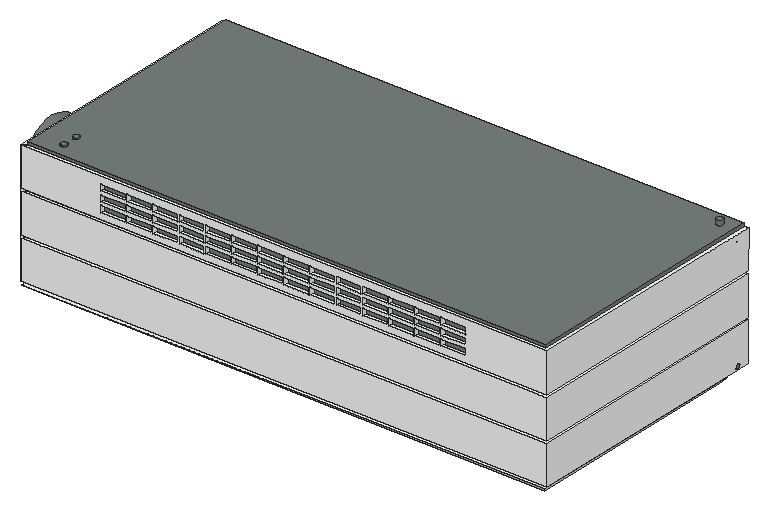
Revit family "AM 800 HTDE", category Mechanical Equipment, Revit 2019
Family settings
  Round Connector Dimension = Use Diameter
  Part Type = Normal
  OmniClass Number = 23.75.00.00
  OmniClass Title = Climate Control (HVAC)
  Work Plane-Based = No
  Always vertical = Yes
  Cut with Voids When Loaded = No
  Shared = No
  Room Calculation Point = No
Parameters
  Weight (Standard Unit) = 108  # constant formula
  Water Heater Surface Return = 10 mm  # constant formula
  Water Heater Surface IN = 10 mm  # constant formula
  URL = "www.airmaster-as.com"
  Total Width = 1910 mm  # constant formula
  Total Hight = 474 mm  # constant formula
  Top Panel [instance] = yes
  T-C Duct Exhaust = 252 mm  # constant formula
  T-C Duct Supply = 252 mm  # constant formula
  Suply Air In = 315 mm  # constant formula
  Return Air Duct = 250 mm  # constant formula
  R-C Duct Exhaust = 222 mm  # constant formula
  Phase 1 - Max Power Consumption = "4035 W"
  Phase 1 - Max Current = "12 A"
  Nominal current, electrical preheating surface = "6,5 A"
  Nominal current, electrical comfort heating surface = "4,4 A"
  Nominal current, air handling unit = "1,1 A"
  Network Conection = "AWG 24 CAT 5e STP"
  Model = "AM 800 HTDE"
  Middle Panel [instance] = yes
  Max. flow rate 35 dB(A) with ePM10 80% filters = 580.00 m³  # constant formula
  Max. flow rate 35 dB(A) with ePM10 55% filters = 653.00 m³  # constant formula
  Max. flow rate 35 dB(A) with ePM10 50% filters = 725.00 m³  # constant formula
  Max. flow rate 30 dB(A) with ePM10 80% filters = 520.00 m³  # constant formula
  Max. flow rate 30 dB(A) with ePM10 55% filters = 585.00 m³  # constant formula
  Max. flow rate 30 dB(A) with ePM10 50% filters = 650.00 m³  # constant formula
  Manufacturer = "Airmaster A/S"
  Maintenance [instance] = no
  L-C Duct ESupply = 255 mm  # constant formula
  Exhaust Air = 315 mm  # constant formula
  Total Depth = 916 mm  # constant formula
  Electrical connection = "1 ~ 230 V / N / PE / 50 Hz"
  Drawn By = "LSB"
  DE Panel Small [instance] = no
  DE Panel [instance] = yes
  Condensate = 9 mm  # constant formula
  Buttom Panel [instance] = yes
  BMS Panel = "(PTS) 2x2x0,6"
  BMS Out = "(PTS) 2x2x0,6"
  BMS IN = "(PTS) 2x2x0,6"
  Airflow area [instance] = no
  Air flow area [instance] = Airflow
Reference planes
  plane 1 "Center (Front/Back)": y = 0
  plane 2: z = 0
  plane 3 "Center (Left/Right)": x = 0
  plane 4 "Center L/S": y = -916
  plane 5 "Center L/T": x = -955
  plane 6 "Center L/U": x = 955
  plane 7 "TOP": z = 474
  plane 8 "Center L/V": x = -940
  plane 9 "Center L/W": y = -901
  plane 10 "Center L/X": x = 940
  plane 11 "Panel Buttom": z = 23
  plane 12 "Panel Top": z = 164.5
  plane 13 "Hatch": z = 14.5
  plane 14 "Center L/Z": z = 173.414
  plane 15 "Center L/AA": z = 314.914
  plane 16 "Center L/BB": z = 324.414
  plane 17 "Center L/CC": z = 465.914
Forms (mm)
  Extrusion 1, solid, material "AM Grey"
    sketch origin (0, 0, 0) x (1, 0, 0) y (0, 1, 0)
      loop
        line (-940, 0) -> (-940, -901) -> (940, -901) -> (940, 0) -> (-940, 0)
    from 14.5 to 474
  Extrusion 2, solid, material "AM White", visible <- "DE Panel Small"
    sketch origin (794.5, -1524, 23) x (0, -1, 0) y (-1, 0, 0)
      loop
        line (-1524, 1749.5) -> (-1524, 1734.5) -> (-623, 1734.5) -> (-608, 1749.5) -> (-1524, 1749.5)
    from 0 to -141.5
  Blend 3, solid, material "AM White"
    base sketch origin (-790.646, -1524, 14.5) x (0, -1, 0) y (1, 0, 0)
      loop
        line (-608, -157.387) -> (-608, 1738.657) -> (-1435.677, 1738.657) -> (-1435.677, -157.387) -> (-608, -157.387)
    top sketch origin (-790.646, -1524, 14.5) x (0, -1, 0) y (1, 0, 0)
      loop
        line (-623, -146.037) -> (-623, 1727.646) -> (-1424.161, 1727.646) -> (-1424.161, -146.037) -> (-623, -146.037)
    from 0 to -14.5
  Extrusion 4, solid, material "AM Grey"
    sketch origin (940, 0, 0) x (0, -1, 0) y (0, 0, -1)
      loop
        circle (48.75, -36.414) r 8
    from 0 to 15
  Extrusion 5, solid, material "AM Grey"
    sketch origin (-940, -878.072, 0.549) x (0, 1, 0) y (0, 0, -1)
      loop
        arc (97.447, -426.641) -> (85.619, -415.215) -> (74.05, -426.903) r 11.7
        arc (74.05, -426.903) -> (85.881, -438.614) -> (97.447, -426.641) r 11.7
    from 0 to 2
  Extrusion 6, solid, material "AM Grey"
    sketch origin (-940, -892.224, 0.658) x (0, 1, 0) y (0, 0, -1)
      loop
        arc (56.677, -428.239) -> (46.918, -415.112) -> (33.131, -423.914) r 12
        arc (33.131, -423.914) -> (42.582, -438.717) -> (56.677, -428.239) r 12
    from 0 to 2
  Extrusion 7, solid, material "AM Grey"
    sketch origin (-940, 0, 0) x (1, 0, 0) y (0, 0, -1)
      loop
        circle (1673, -222) r 157.5
    from 0 to 55
  Extrusion 8, solid, material "AM Grey"
    sketch origin (-785, 0, 0) x (1, 0, 0) y (0, 0, -1)
      loop
        circle (85, -222) r 157.5
    from 0 to 55
  Extrusion 9, solid, material "AM Grey"
    sketch origin (-1697.474, 21.256, 474) x (1, 0, 0) y (0, 1, 0)
      loop
        arc (848.662, -826.53) -> (848, -804.55) -> (847.338, -826.53) r 11
        line (847.338, -826.53) -> (848.662, -826.53)
    from 0 to 2
  Extrusion 10, solid, material "AM Grey"
    sketch origin (-1697.474, 6.881, 474) x (1, 0, 0) y (0, 1, 0)
      loop
        arc (848.662, -867.28) -> (848, -845.3) -> (847.338, -867.28) r 11
        line (847.338, -867.28) -> (848.662, -867.28)
    from 0 to 2
  Extrusion 11, solid, material "Maintenece", visible <- "Maintenance"
    sketch origin (-790.646, -1524, 0) x (1, 0, 0) y (0, -1, 0)
      loop
        line (-164.354, -1524) -> (1745.646, -1524) -> (1745.646, -608) -> (-164.354, -608) -> (-164.354, -1524)
    from 0 to 1200
  Extrusion 12, solid, material "AM Grey"
    sketch origin (0, 0, 474) x (1, 0, 0) y (0, 1, 0)
      loop
        arc (880.766, -33.956) -> (876.81, -38.388) -> (875.622, -44.209) r 11.4
        arc (875.622, -44.209) -> (897.19, -48.612) -> (880.766, -33.956) r 11.4
    from 0 to 15
  Extrusion 13, solid, material "AM Grey"
    sketch origin (940, 0, 0) x (0, -1, 0) y (0, 0, -1)
      loop
        circle (47.646, -447.784) r 8
    from 0 to 15
  Extrusion 14, solid, material "AM Grey"
    sketch origin (-940, 0, 0) x (1, 0, 0) y (0, 0, -1)
      loop
        circle (1813, -35) r 12
    from 0 to 15
  Extrusion 15, solid, material "AM White", visible <- "Middle Panel"
    sketch origin (794.5, -1524, 173.414) x (0, -1, 0) y (-1, 0, 0)
      loop
        line (-608, -160.5) -> (-608, 1749.5) -> (-623, 1734.5) -> (-623, -145.5) -> (-1524, -145.5) -> (-1524, -160.5) -> (-608, -160.5)
    from 0 to -141.5
  Extrusion 16, solid, material "AM White", visible <- "Top Panel"
    sketch origin (794.5, -1524, 324.414) x (0, -1, 0) y (-1, 0, 0)
      loop
        line (-608, -160.5) -> (-608, 1749.5) -> (-623, 1734.5) -> (-623, -145.5) -> (-1524, -145.5) -> (-1524, -160.5) -> (-608, -160.5)
    from 0 to -141.5
  Extrusion 17, solid, material "AM White"
    sketch origin (0, 0, 14.5) x (0, 1, 0) y (1, 0, 0)
      loop
        line (0, 940) -> (-88.323, 940) -> (-88.323, -940) -> (0, -940) -> (0, 940)
    from 0 to 3
  Extrusion 18, solid, material "AM Grey"
    sketch origin (-955, 0, 23) x (0, -1, 0) y (0, 0, 1)
      loop
        circle (699, 299) r 125
    from 0 to 58
  Extrusion 19, void
    sketch origin (1055.25, -916, 324.414) x (1, 0, 0) y (0, 0, -1)
      loop
        line (-1717.75, -118) -> (-1627.75, -118) -> (-1627.75, -93) -> (-1717.75, -93) -> (-1717.75, -118)
      loop
        line (-1717.75, -83) -> (-1627.75, -83) -> (-1627.75, -58) -> (-1717.75, -58) -> (-1717.75, -83)
      loop
        line (-1717.75, -48) -> (-1627.75, -48) -> (-1627.75, -23) -> (-1717.75, -23) -> (-1717.75, -48)
      loop
        line (-1622.75, -118) -> (-1532.75, -118) -> (-1532.75, -93) -> (-1622.75, -93) -> (-1622.75, -118)
      loop
        line (-1622.75, -83) -> (-1532.75, -83) -> (-1532.75, -58) -> (-1622.75, -58) -> (-1622.75, -83)
      loop
        line (-1622.75, -48) -> (-1532.75, -48) -> (-1532.75, -23) -> (-1622.75, -23) -> (-1622.75, -48)
      loop
        line (-1527.75, -118) -> (-1437.75, -118) -> (-1437.75, -93) -> (-1527.75, -93) -> (-1527.75, -118)
      loop
        line (-1527.75, -83) -> (-1437.75, -83) -> (-1437.75, -58) -> (-1527.75, -58) -> (-1527.75, -83)
      loop
        line (-1527.75, -48) -> (-1437.75, -48) -> (-1437.75, -23) -> (-1527.75, -23) -> (-1527.75, -48)
      loop
        line (-1432.75, -118) -> (-1342.75, -118) -> (-1342.75, -93) -> (-1432.75, -93) -> (-1432.75, -118)
      loop
        line (-1432.75, -83) -> (-1342.75, -83) -> (-1342.75, -58) -> (-1432.75, -58) -> (-1432.75, -83)
      loop
        line (-1432.75, -48) -> (-1342.75, -48) -> (-1342.75, -23) -> (-1432.75, -23) -> (-1432.75, -48)
      loop
        line (-1337.75, -118) -> (-1247.75, -118) -> (-1247.75, -93) -> (-1337.75, -93) -> (-1337.75, -118)
      loop
        line (-1337.75, -83) -> (-1247.75, -83) -> (-1247.75, -58) -> (-1337.75, -58) -> (-1337.75, -83)
      loop
        line (-1337.75, -48) -> (-1247.75, -48) -> (-1247.75, -23) -> (-1337.75, -23) -> (-1337.75, -48)
      loop
        line (-1242.75, -118) -> (-1152.75, -118) -> (-1152.75, -93) -> (-1242.75, -93) -> (-1242.75, -118)
      loop
        line (-1242.75, -83) -> (-1152.75, -83) -> (-1152.75, -58) -> (-1242.75, -58) -> (-1242.75, -83)
      loop
        line (-1242.75, -48) -> (-1152.75, -48) -> (-1152.75, -23) -> (-1242.75, -23) -> (-1242.75, -48)
      loop
        line (-1147.75, -118) -> (-1057.75, -118) -> (-1057.75, -93) -> (-1147.75, -93) -> (-1147.75, -118)
      loop
        line (-1147.75, -83) -> (-1057.75, -83) -> (-1057.75, -58) -> (-1147.75, -58) -> (-1147.75, -83)
      loop
        line (-1147.75, -48) -> (-1057.75, -48) -> (-1057.75, -23) -> (-1147.75, -23) -> (-1147.75, -48)
      loop
        line (-1052.75, -118) -> (-962.75, -118) -> (-962.75, -93) -> (-1052.75, -93) -> (-1052.75, -118)
      loop
        line (-1052.75, -83) -> (-962.75, -83) -> (-962.75, -58) -> (-1052.75, -58) -> (-1052.75, -83)
      loop
        line (-1052.75, -48) -> (-962.75, -48) -> (-962.75, -23) -> (-1052.75, -23) -> (-1052.75, -48)
      loop
        line (-957.75, -118) -> (-867.75, -118) -> (-867.75, -93) -> (-957.75, -93) -> (-957.75, -118)
      loop
        line (-957.75, -83) -> (-867.75, -83) -> (-867.75, -58) -> (-957.75, -58) -> (-957.75, -83)
      loop
        line (-957.75, -48) -> (-867.75, -48) -> (-867.75, -23) -> (-957.75, -23) -> (-957.75, -48)
      loop
        line (-862.75, -118) -> (-772.75, -118) -> (-772.75, -93) -> (-862.75, -93) -> (-862.75, -118)
      loop
        line (-862.75, -83) -> (-772.75, -83) -> (-772.75, -58) -> (-862.75, -58) -> (-862.75, -83)
      loop
        line (-862.75, -48) -> (-772.75, -48) -> (-772.75, -23) -> (-862.75, -23) -> (-862.75, -48)
      loop
        line (-767.75, -118) -> (-677.75, -118) -> (-677.75, -93) -> (-767.75, -93) -> (-767.75, -118)
      loop
        line (-767.75, -83) -> (-677.75, -83) -> (-677.75, -58) -> (-767.75, -58) -> (-767.75, -83)
      loop
        line (-767.75, -48) -> (-677.75, -48) -> (-677.75, -23) -> (-767.75, -23) -> (-767.75, -48)
      loop
        line (-672.75, -118) -> (-582.75, -118) -> (-582.75, -93) -> (-672.75, -93) -> (-672.75, -118)
      loop
        line (-672.75, -83) -> (-582.75, -83) -> (-582.75, -58) -> (-672.75, -58) -> (-672.75, -83)
      loop
        line (-672.75, -48) -> (-582.75, -48) -> (-582.75, -23) -> (-672.75, -23) -> (-672.75, -48)
      loop
        line (-577.75, -118) -> (-487.75, -118) -> (-487.75, -93) -> (-577.75, -93) -> (-577.75, -118)
      loop
        line (-577.75, -83) -> (-487.75, -83) -> (-487.75, -58) -> (-577.75, -58) -> (-577.75, -83)
      loop
        line (-577.75, -48) -> (-487.75, -48) -> (-487.75, -23) -> (-577.75, -23) -> (-577.75, -48)
      loop
        line (-482.75, -118) -> (-392.75, -118) -> (-392.75, -93) -> (-482.75, -93) -> (-482.75, -118)
      loop
        line (-482.75, -83) -> (-392.75, -83) -> (-392.75, -58) -> (-482.75, -58) -> (-482.75, -83)
      loop
        line (-482.75, -48) -> (-392.75, -48) -> (-392.75, -23) -> (-482.75, -23) -> (-482.75, -48)
    from 0 to 15
  Extrusion 20, solid, material "AM White", visible <- "Buttom Panel"
    sketch origin (794.5, -1524, 23) x (0, -1, 0) y (-1, 0, 0)
      loop
        line (-608, -160.5) -> (-608, 1749.5) -> (-623, 1734.5) -> (-623, -145.5) -> (-1524, -145.5) -> (-1524, -160.5) -> (-608, -160.5)
    from 0 to -141.5
  Extrusion 21, solid, material "AM White", visible <- "DE Panel"
    sketch origin (794.5, -1524, 324.414) x (0, -1, 0) y (-1, 0, 0)
      loop
        line (-1524, 1749.5) -> (-1524, 1734.5) -> (-623, 1734.5) -> (-608, 1749.5) -> (-1524, 1749.5)
    from 301.414 to -141.5
Cuts and joins
  Extrusion 19 cuts Extrusion 1
  Extrusion 19 cuts Extrusion 2
  Extrusion 19 cuts Extrusion 16
Dimensions and locks
  "Total Depth": plane 4 "Center L/S" to plane 1 "Center (Front/Back)"
  equal spacing: plane 5 "Center L/T", plane 3 "Center (Left/Right)", plane 6 "Center L/U"
  "Total Width": plane 5 "Center L/T" to plane 6 "Center L/U"
  "Total Hight": plane 7 "TOP" to level
  locked: plane 10 "Center L/X" to plane 6 "Center L/U" at 15
  locked: plane 4 "Center L/S" to plane 9 "Center L/W" at 15
  locked: plane 5 "Center L/T" to plane 8 "Center L/V" at 15
  Extrusion 1 to Blend 3 sketch curve = 99.839 mm
  "R-C Duct Exhaust": plane 6 "Center L/U" to Extrusion 7 sketch curve
  "T-C Duct Exhaust": Extrusion 7 sketch curve to cut or joined group of Extrusion 1, Extrusion 19
  "T-C Duct Supply": Extrusion 8 sketch curve to plane 7 "TOP"
  "L-C Duct ESupply": Extrusion 8 sketch curve to plane 5 "Center L/T"
  Extrusion 14 sketch curve to plane 5 "Center L/T" = 1828 mm
  Extrusion 14 sketch curve to plane 7 "TOP" = 439 mm
  plane 1 "Center (Front/Back)" to Extrusion 18 sketch curve = 699 mm
  plane 7 "TOP" to Extrusion 18 sketch curve = 152 mm
  "Return Air Duct": diameter of Extrusion 18 sketch curve
  aligned and locked: level to plane 2
  aligned and locked: plane 1 "Center (Front/Back)" to Extrusion 1 sketch curve
  aligned and locked: Extrusion 1 sketch curve to plane 8 "Center L/V"
  aligned and locked: Extrusion 1 sketch curve to plane 9 "Center L/W"
  aligned and locked: Extrusion 1 sketch curve to plane 10 "Center L/X"
  aligned and locked: plane 7 "TOP" to Extrusion 1
  aligned and locked: plane 5 "Center L/T" to Extrusion 2 sketch curve
  aligned and locked: Extrusion 2 sketch curve to Extrusion 1
  aligned and locked: Extrusion 2 to plane 12 "Panel Top"
  aligned and locked: Blend 3 to plane 2
  aligned and locked: Extrusion 1 to plane 13 "Hatch"
  aligned and locked: Extrusion 11 sketch curve to cut or joined group of Extrusion 2, Extrusion 19  (x2)
  aligned and locked: Extrusion 15 to plane 15 "Center L/AA"
  aligned and locked: Extrusion 16 to plane 17 "Center L/CC"
Automatic sketch dimensions
  plane 1 "Center (Front/Back)" to Extrusion 2 sketch curve = 0 mm
  Extrusion 2 sketch curve to plane 9 "Center L/W" = 0 mm
  plane 4 "Center L/S" to Extrusion 2 sketch curve = 0 mm
  plane 4 "Center L/S" to Blend 3 sketch curve = 0 mm
  Blend 3 sketch curve to plane 6 "Center L/U" = 6.989 mm
  plane 1 "Center (Front/Back)" to Blend 3 sketch curve = 88.323 mm
  plane 5 "Center L/T" to Blend 3 sketch curve = 6.967 mm
  Blend 3 sketch curve to plane 9 "Center L/W" = 0 mm
  plane 8 "Center L/V" to Blend 3 sketch curve = 3.316 mm
  Blend 3 sketch curve to plane 10 "Center L/X" = 3 mm
  Extrusion 1 to Extrusion 4 sketch curve = 21.914 mm
  Extrusion 1 to Extrusion 4 sketch curve = 48.75 mm
  Extrusion 5 sketch curve to Extrusion 5 sketch curve = 0 mm  (x2)
  Extrusion 1 to Extrusion 5 sketch curve = 46.537 mm
  Extrusion 5 sketch curve to Extrusion 1 = 108.678 mm
  Extrusion 5 sketch curve to Extrusion 5 sketch curve = 11.7 mm
  Extrusion 5 sketch curve to Extrusion 5 sketch curve = 11.697 mm
  Extrusion 5 sketch curve to Extrusion 5 sketch curve = 0.011 mm
  Extrusion 6 sketch curve to Extrusion 6 sketch curve = 0 mm  (x2)
  Extrusion 6 sketch curve to Extrusion 1 = 53.526 mm
  Extrusion 1 to Extrusion 6 sketch curve = 46.428 mm
  Extrusion 6 sketch curve to Extrusion 6 sketch curve = 11.619 mm
  Extrusion 6 sketch curve to Extrusion 6 sketch curve = 11.927 mm
  Extrusion 6 sketch curve to Extrusion 6 sketch curve = 1.325 mm
  Extrusion 9 sketch curve to Extrusion 1 = 89.864 mm
  Extrusion 9 sketch curve to Extrusion 9 sketch curve = 0.662 mm
  Extrusion 9 sketch curve to Extrusion 1 = 95.726 mm
  Extrusion 9 sketch curve to Extrusion 9 sketch curve = 10.98 mm
  Extrusion 10 sketch curve to Extrusion 1 = 89.864 mm
  Extrusion 10 sketch curve to Extrusion 10 sketch curve = 0.662 mm
  Extrusion 10 sketch curve to Extrusion 1 = 40.601 mm
  Extrusion 10 sketch curve to Extrusion 10 sketch curve = 10.98 mm
  Extrusion 11 sketch curve to Blend 3 = 18 mm
  Extrusion 11 sketch curve to Blend 3 = 15 mm
  Extrusion 12 sketch curve to Extrusion 12 sketch curve = 0 mm  (x2)
  Extrusion 12 sketch curve to Extrusion 1 = 53 mm
  Extrusion 12 sketch curve to Extrusion 1 = 43.5 mm
  Extrusion 12 sketch curve to Extrusion 12 sketch curve = 6.234 mm
  Extrusion 12 sketch curve to Extrusion 12 sketch curve = 11.378 mm
  Extrusion 12 sketch curve to Extrusion 12 sketch curve = 0.709 mm
  Extrusion 1 to Extrusion 13 sketch curve = 47.646 mm
  Extrusion 1 to Extrusion 13 sketch curve = 26.216 mm
  plane 1 "Center (Front/Back)" to Extrusion 15 sketch curve = 0 mm
  plane 9 "Center L/W" to Extrusion 15 sketch curve = 0 mm
  plane 4 "Center L/S" to Extrusion 15 sketch curve = 0 mm
  Extrusion 15 sketch curve to plane 5 "Center L/T" = 0 mm
  Extrusion 15 sketch curve to plane 8 "Center L/V" = 0 mm
  Extrusion 15 sketch curve to plane 10 "Center L/X" = 0 mm
  Extrusion 15 sketch curve to plane 6 "Center L/U" = 0 mm
  plane 1 "Center (Front/Back)" to Extrusion 16 sketch curve = 0 mm
  plane 9 "Center L/W" to Extrusion 16 sketch curve = 0 mm
  plane 4 "Center L/S" to Extrusion 16 sketch curve = 0 mm
  Extrusion 16 sketch curve to plane 5 "Center L/T" = 0 mm
  Extrusion 16 sketch curve to plane 8 "Center L/V" = 0 mm
  Extrusion 16 sketch curve to plane 10 "Center L/X" = 0 mm
  Extrusion 16 sketch curve to plane 6 "Center L/U" = 0 mm
  Extrusion 17 sketch curve to Extrusion 1 = 0 mm  (x2)
  Extrusion 1 to Extrusion 17 sketch curve = 0 mm
  Extrusion 1 to Extrusion 17 sketch curve = 88.323 mm
  plane 17 "Center L/CC" to Extrusion 19 sketch curve = 23.5 mm  (x2)
  plane 8 "Center L/V" to Extrusion 19 sketch curve = 277.5 mm
  Extrusion 19 sketch curve to Extrusion 19 sketch curve = 0 mm  (x86)
  Extrusion 19 sketch curve to Extrusion 19 sketch curve = 90 mm  (x13)
  Extrusion 19 sketch curve to Extrusion 19 sketch curve = 5 mm  (x36)
  Extrusion 19 sketch curve to plane 3 "Center (Left/Right)" = 2.5 mm  (x3)
  plane 3 "Center (Left/Right)" to Extrusion 19 sketch curve = 2.5 mm  (x3)
  Extrusion 19 sketch curve to Extrusion 19 sketch curve = 25 mm  (x10)
  Extrusion 19 sketch curve to Extrusion 19 sketch curve = 10 mm  (x9)
  Extrusion 19 sketch curve to plane 16 "Center L/BB" = 23 mm  (x5)
  plane 1 "Center (Front/Back)" to Extrusion 20 sketch curve = 0 mm
  plane 9 "Center L/W" to Extrusion 20 sketch curve = 0 mm
  plane 4 "Center L/S" to Extrusion 20 sketch curve = 0 mm
  Extrusion 20 sketch curve to plane 5 "Center L/T" = 0 mm
  Extrusion 20 sketch curve to plane 8 "Center L/V" = 0 mm
  Extrusion 20 sketch curve to plane 10 "Center L/X" = 0 mm
  Extrusion 20 sketch curve to plane 6 "Center L/U" = 0 mm
  plane 1 "Center (Front/Back)" to Extrusion 21 sketch curve = 0 mm
  Extrusion 21 sketch curve to plane 8 "Center L/V" = 0 mm
  Extrusion 21 sketch curve to plane 9 "Center L/W" = 0 mm
  plane 4 "Center L/S" to Extrusion 21 sketch curve = 0 mm
  Extrusion 21 sketch curve to plane 5 "Center L/T" = 0 mm
  radius of Extrusion 4 sketch curve = 8 mm
  radius of Extrusion 7 sketch curve = 157.5 mm
  radius of Extrusion 8 sketch curve = 157.5 mm
  radius of Extrusion 13 sketch curve = 8 mm
  radius of Extrusion 14 sketch curve = 12 mm
Nested families
  nested 1: "Model Label 2019" at (0, -361.924, 0), Label <- "Model", type "Model Label 2019"
    with Label "AM 800 HTDE"
  nested 2: "indblæssymbol" at (11.742, -966, 0) x (0, -1, 0) z (0, 0, 1), type "indblæssymbol"
    with dX_ 609 mm, dX 609 mm, ang2D 0.00°
Connectors
  piping at (-942, -847.32, 426.735), diameter 10, driven by "Water Heater Surface IN"
    settings: on Extrusion 6, index 6, connector inside diameter 609.6 mm, connector length 0 mm, flow factor 0, pipe flow 0.0 L/s, pressure drop 0.0 Pa, fitting loss kfactor 0, connector angle 0.00°, fixture units 0, engagement length 0 mm, angle of deflection 0.00°, flow configuration 0, flow direction 1, fitting loss method 0, system type 7, joint type 0, gender type 0, connector reference index -1, connector utility 0, adjustable connector no, is connector primary yes, connector description ""
  piping at (-942, -792.324, 427.321), diameter 10, driven by "Water Heater Surface Return"
    settings: on Extrusion 5, index 7, connector inside diameter 609.6 mm, connector length 0 mm, flow factor 0, pipe flow 0.0 L/s, pressure drop 0.0 Pa, fitting loss kfactor 0, connector angle 0.00°, fixture units 0, engagement length 0 mm, angle of deflection 0.00°, flow configuration 0, flow direction 2, fitting loss method 0, system type 8, joint type 0, gender type 0, connector reference index -1, connector utility 0, adjustable connector no, is connector primary no, connector description ""
  piping at (-849.474, -860.399, 476), diameter 10, driven by "Water Heater Surface IN"
    settings: on Extrusion 10, index 11, connector inside diameter 609.6 mm, connector length 0 mm, flow factor 0, pipe flow 0.0 L/s, pressure drop 0.0 Pa, fitting loss kfactor 0, connector angle 0.00°, fixture units 0, engagement length 0 mm, angle of deflection 0.00°, flow configuration 0, flow direction 0, fitting loss method 0, system type 19, joint type 0, gender type 0, connector reference index -1, connector utility 0, adjustable connector no, is connector primary no, connector description ""
  piping at (-849.474, -805.274, 476), diameter 10, driven by "Water Heater Surface Return"
    settings: on Extrusion 9, index 12, connector inside diameter 609.6 mm, connector length 0 mm, flow factor 0, pipe flow 0.0 L/s, pressure drop 0.0 Pa, fitting loss kfactor 0, connector angle 0.00°, fixture units 0, engagement length 0 mm, angle of deflection 0.00°, flow configuration 0, flow direction 0, fitting loss method 0, system type 19, joint type 0, gender type 0, connector reference index -1, connector utility 0, adjustable connector no, is connector primary no, connector description ""
  electrical at (955, -47.646, 447.784)
    settings: on Extrusion 13, index 13, voltage 230 V, apparent load 0 VA, apparent load phase1 0 VA, apparent load phase2 0 VA, apparent load phase3 0 VA, power factor 0.56, load classification "Other", number of poles 1, system type 30, power factor state 1, is connector primary yes, connector utility no, sub classification motor no, connector description ""
  electrical at (878.194, -39.082, 489)
    settings: on Extrusion 12, index 14, voltage 230 V, apparent load 0 VA, apparent load phase1 0 VA, apparent load phase2 0 VA, apparent load phase3 0 VA, power factor 0.56, load classification "Other", number of poles 1, system type 30, power factor state 1, is connector primary no, connector utility no, sub classification motor no, connector description ""
  piping at (955, -48.75, 36.414), diameter 9, driven by "Condensate"
    settings: on Extrusion 4, index 15, connector inside diameter 609.6 mm, connector length 0 mm, flow factor 0, pipe flow 0.0 L/s, pressure drop 0.0 Pa, fitting loss kfactor 0, connector angle 0.00°, fixture units 0, engagement length 0 mm, angle of deflection 0.00°, flow configuration 0, flow direction 0, fitting loss method 0, system type 16, joint type 0, gender type 0, connector reference index -1, connector utility 0, adjustable connector no, is connector primary no, connector description ""
  piping at (873, 15, 35), diameter 9, driven by "Condensate"
    settings: on Extrusion 14, index 16, connector inside diameter 609.6 mm, connector length 0 mm, flow factor 0, pipe flow 0.0 L/s, pressure drop 0.0 Pa, fitting loss kfactor 0, connector angle 0.00°, fixture units 0, engagement length 0 mm, angle of deflection 0.00°, flow configuration 0, flow direction 0, fitting loss method 0, system type 16, joint type 0, gender type 0, connector reference index -1, connector utility 0, adjustable connector no, is connector primary no, connector description ""
  hvac at (-955, -699, 322), driven by "Return Air Duct"
    settings: on Extrusion 18, index 17, duct flow 0.0 L/s, flow factor 0, pres drop 0.0 Pa, loss coef 0, conn angle 0.00°, conn width 304.8 mm, conn height 304.8 mm, conn diameter 250 mm, duct sys type 2, conn prof type 0, flow config 0, flow direction 1, loss method 0, conn ref index -1, conn util no, is conn primary yes, conn desc ""
  hvac at (-700, 0, 222), driven by "Suply Air In"
    settings: on Extrusion 8, index 18, duct flow 0.0 L/s, flow factor 0, pres drop 0.0 Pa, loss coef 0, conn angle 0.00°, conn width 304.8 mm, conn height 304.8 mm, conn diameter 315 mm, duct sys type 1, conn prof type 0, flow config 0, flow direction 1, loss method 0, conn ref index -1, conn util no, is conn primary no, conn desc ""
  hvac at (733, 0, 222), driven by "Exhaust Air"
    settings: on Extrusion 7, index 19, duct flow 0.0 L/s, flow factor 0, pres drop 0.0 Pa, loss coef 0, conn angle 0.00°, conn width 304.8 mm, conn height 304.8 mm, conn diameter 315 mm, duct sys type 3, conn prof type 0, flow config 0, flow direction 2, loss method 0, conn ref index -1, conn util no, is conn primary no, conn desc ""
Definition of nested family "Model Label 2019"
  Parameters (values of type "Model Label 2019")
    Label [instance] = ""
  Reference planes
    plane 1: y = 0
    plane 2: x = 0
  Text (mm)
    label "Label" at (-0.131, 0.049, 0), shows "Label"
Definition of nested family "indblæssymbol"
  Parameters (values of type "indblæssymbol")
    dX_ [instance] = if(dX = 0 mm, 1 mm, dX)  # 609 mm
    dX [instance] = 609 mm
    ang2D [instance] = 0.00°
    Type Comments = "DO NOT CHANGE dX value from 608 mm ( 2 ft )"
    Afstand pil = 50 mm
  Reference planes
    plane 1 "Center (Front/Back)": y = 0
    plane 2: z = 0
    plane 3 "Center (Left/Right)": x = 0
  Lines and regions (mm)
    Filled region 1, type "Concrete", in view "Ref. Level"
      outline origin (50.005, 0, 0) x (1, 0, 0) y (0, 1, 0)
        loop
          line (399.995, 0.414) -> (301.442, 17.365) -> (301.588, -17.365) -> (399.995, 0.414)
    reference lines, in view "Ref. Level"
      curve 1: line (50, 134.129, 0) -> (50, -145.871, 0)
    detail lines, in view "Ref. Level"
      curve 2: line (351.52, 0, 0) -> (50, 0, 0)
  Dimensions and locks
    "Afstand pil": plane 3 "Center (Left/Right)" to curve 1
    curve 1 to Filled region 1 = 400 mm
  Automatic sketch dimensions
    Filled region 1 sketch curve to plane 1 "Center (Front/Back)" = 0.414 mm
    plane 3 "Center (Left/Right)" to Filled region 1 sketch curve = 450 mm
    plane 1 "Center (Front/Back)" to Filled region 1 sketch curve = 17.365 mm
    Filled region 1 sketch curve to Filled region 1 sketch curve = 98.407 mm
    Filled region 1 sketch curve to plane 1 "Center (Front/Back)" = 17.365 mm
    Filled region 1 sketch curve to Filled region 1 sketch curve = 0.146 mm
    plane 1 "Center (Front/Back)" to curve 2 = 0 mm
    plane 3 "Center (Left/Right)" to curve 2 = 50 mm
    curve 2 to curve 2 = 301.52 mm
    plane 1 "Center (Front/Back)" to curve 1 = 145.871 mm
    curve 1 to plane 1 "Center (Front/Back)" = 134.129 mm
